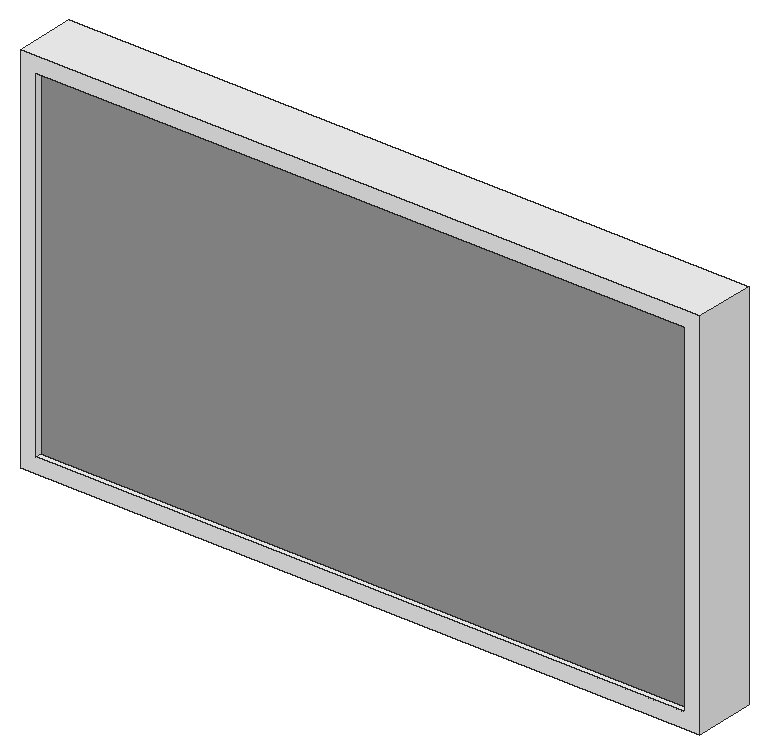
Revit family "Veneziana_Fachada_1Painel", category Windows, host Wall, Revit 2020
Family settings
  Host = Wall
  OmniClass Number = 23.30.20.00
  OmniClass Title = Windows
  Always vertical = Yes
  Cut with Voids When Loaded = No
  Shared = No
  Room Calculation Point = No
Parameters (values of type "VZN_225x124_FAC_1PA")
  Material_Placa = CT_Cobogo
  Material_Esquadria = CT_Concreto
  Height = 1.240 m
  Espess_Esquadria = 0.050 m
  Define Thermal Properties by = Schematic Type
  Default Sill Height = 0.800 m
  Wall Closure = By host
  Width = 2.250 m
  Analytic Construction = "<None>"
Reference planes (m)
  plane 1 "Center (Front/Back)": y = 0
  plane 2 "Center (Left/Right)": x = 0
  plane 3 "Left": x = -1.125
  plane 4 "Right": x = 1.125
  plane 5 "Sill": z = 0.8
  plane 6 "Head": z = 2.04
  plane 7 "Exterior": y = 0.1
  plane 8 "Interior": y = -0.1
Forms (m)
  Extrusion 1, solid, material "CT_Concreto" <- "Material_Esquadria"
    sketch origin (0, 0.1, 0) x (1, 0, 0) y (0, 0, 1)
      loop
        line (1.125, 2.04) -> (-1.125, 2.04) -> (-1.125, 0.8) -> (1.125, 0.8) -> (1.125, 2.04)
      loop
        line (1.075, 1.99) -> (-1.075, 1.99) -> (-1.075, 0.85) -> (1.075, 0.85) -> (1.075, 1.99)
    from 0 to 0.2
  Extrusion 2, solid, material "CT_Cobogo" <- "Material_Placa"
    sketch origin (0, 0.1, 0) x (1, 0, 0) y (0, 0, 1)
      loop
        line (1.075, 1.99) -> (-1.075, 1.99) -> (-1.075, 0.85) -> (1.075, 0.85) -> (1.075, 1.99)
    from 0.1 to 0.17924
Lines and regions (m)
  Opening 1
    outline origin (3.5, -0.1, 0) x (1, 0, 0) y (0, 0, 1)
      loop
        line (-2.375, 0.8) -> (-2.375, 2.04) -> (-4.625, 2.04) -> (-4.625, 0.8) -> (-2.375, 0.8)
Text (m)
  text "EXTERIOR" at (-1.963203, 1.332353, 0), in view "Ref. Level"
  text "INTERIOR" at (-1.981466, -0.818386, 0), in view "Ref. Level"
  text "Exterior" at (0, 0.923751, 2.943296), in view "Right"
  text "Exterior" at (0, 1.040484, 2.685409), in view "Left"
Dimensions and locks (m)
  equal spacing: plane 3 "Left", plane 2 "Center (Left/Right)", plane 4 "Right"
  "Width": plane 3 "Left" to plane 4 "Right"
  "Height": plane 5 "Sill" to plane 6 "Head"
  "Default Sill Height": plane 5 "Sill" to level
  locked: plane 7 "Exterior" to host wall
  locked: plane 8 "Interior" to host wall
  "Espess_Esquadria": Extrusion 1 sketch curve to Extrusion 1 sketch curve  (x4)
  plane 5 "Sill" to Extrusion 1 sketch curve = 0.000 m
  locked: Extrusion 2 to Extrusion 2 at 0.07924
  aligned and locked: Extrusion 1 sketch curve to host wall  (x3)
  aligned and locked: plane 5 "Sill" to Extrusion 1
  aligned and locked: Extrusion 2 sketch curve to Extrusion 1  (x4)
  aligned and locked: plane 8 "Interior" to Extrusion 1
  aligned and locked: Extrusion 1 to plane 7 "Exterior"
  aligned and locked: host wall to Extrusion 2
Automatic sketch dimensions
  Opening 1 sketch curve to plane 3 "Left" = 0.000 m
  Opening 1 sketch curve to plane 4 "Right" = 0.000 m
  Opening 1 sketch curve to plane 5 "Sill" = 0.000 m
  Opening 1 sketch curve to plane 6 "Head" = 0.000 m
